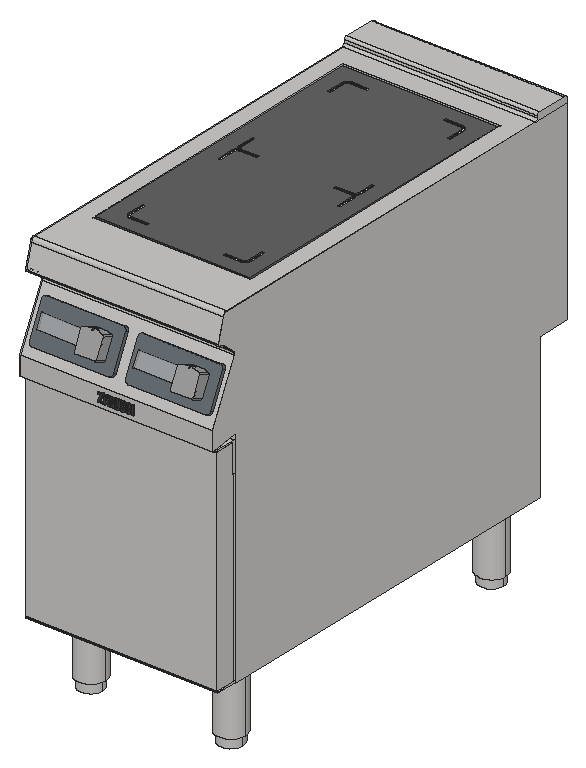
Revit family "QF_ZANUSSI_392666_Z9HHEDBAMCA", category Specialty Equipment, Revit 2023
Family settings
  Round Connector Dimension = Use Diameter
  Part Type = Normal
  Work Plane-Based = No
  Enable Cutting in Views = No
  Always vertical = Yes
  Cut with Voids When Loaded = No
  Maintain Annotation Orientation = No
  Shared = Yes
  Room Calculation Point = No
Parameters (values of type "Standard")
  Weight = 71.50 lbm
  Watts = 0 W
  Volts = 380 V
  URL Manufacturer = "http://www.zanussiprofessional.com"
  URL = "http://www.zanussiprofessional.com"
  Steam Supply Size = 0"
  Steam Supply Minimum Pressure = 0.00 psi
  Steam Supply Maximum Pressure = 0.00 psi
  Steam Consumption per Hour = 0
  Show Logo [instance] = yes
  Show Clearance [instance] = yes
  Refrigeration Suction Line Size = 0 mm
  Refrigeration Liquid Line Size = 0 mm
  Refrigerant Compressor Remote = yes
  Default Elevation = 0 mm
  Manufacturer = "Zanussi"
  Phase = 3
  Model = "Z9HHEDBAMCA"
  Length Actual = 400 mm
  Item Number = "392666"
  Hot Water Size = 0"
  Height Actual = 850 mm
  HP = "21.5 HP"
  Gas Size = 0"
  Gas KW = 0
  Gas Input Pressure = 0.0 Btu/h
  Direct Waste Size = 0"
  Description = "EVOPRO FREE-ZONE INDUCTION COOK TOP, 400 MM"
  Depth Actual = 900 mm
  Cycle = 50 Hz
  Condensate Return Size = 0"
  Compressed Air Volume = 0 GPM
  Compressed Air Size = 0"
  Compressed Air Pressure = 0.00 psi
  Cold Water Size = 0"
  Accessory = no
Reference planes
  plane 1: z = 0
  plane 2 "LEFT": x = 0
  plane 3 "RIGHT": x = 400
  plane 4 "FRONT": y = -921
  plane 5 "TOP": z = 850
  plane 6 "BASE": z = 150
  plane 7: y = -126
  plane 8: y = -774
  plane 9 "Center (Left/Right)": x = 200
  plane 10 "Center (Front/Back)": y = -450
  plane 11 "BASE_TOP": z = 600
  plane 12 "BACK": y = 0
  plane 13: y = -900
  plane 14: y = -1273
  plane 15: y = -855
  plane 16: z = 760.742
  plane 17: z = 645.808
  plane 18 "AxeZ_Buttons": z = 703.275
  plane 19 "PANEL": through (-6096, -914.266, 645.808) normal (0, 0.8988, -0.4384)
  plane 20 "BUTTON1": x = 145
  plane 21: x = 345
  plane 22: y = -720
  plane 23 "FeetBack": y = -126
  plane 24 "FeetFront": y = -800
  plane 25 "FeetX": x = 345
  plane 26 "WI2_x": x = 358
  plane 27: x = 287
  plane 28: y = -574
  plane 29: x = -150
  plane 30: x = 550
  plane 31: y = 150
Forms (mm)
  Extrusion 1, solid, material "QF_Finishes_Stainless Steel"
    sketch origin (0, 0, 0) x (0, 1, 0) y (0, 0, 1)
      loop
        line (0, 850) -> (-879.358, 850)
        arc (-879.358, 850) -> (-884.643, 847.811) -> (-886.833, 842.526) r 7.474
        line (-886.833, 842.526) -> (-899.884, 797.011)
        arc (-899.884, 797.011) -> (-899.396, 794.379) -> (-897, 793.184) r 3
        line (-897, 793.184) -> (-890.531, 793.184) -> (-859.859, 765.634)
        arc (-859.859, 765.634) -> (-858.292, 762.871) -> (-858.706, 759.723) r 5
        line (-858.706, 759.723) -> (-915, 644.303) -> (-915, 605.508) -> (-858.645, 613.428)
        arc (-858.645, 613.428) -> (-856.101, 612.674) -> (-855, 610.259) r 3.2
        line (-855, 610.259) -> (-855, 150) -> (-70, 150) -> (-70, 448) -> (0, 448) -> (0, 850)
    from 0 to 1
  Extrusion 2, solid, material "QF_Finishes_Stainless Steel"
    sketch origin (400, 0, 0) x (0, 1, 0) y (0, 0, 1)
      loop
        line (0, 850) -> (-879.358, 850)
        arc (-879.358, 850) -> (-884.643, 847.811) -> (-886.833, 842.526) r 7.474
        line (-886.833, 842.526) -> (-899.884, 797.011)
        arc (-899.884, 797.011) -> (-899.396, 794.379) -> (-897, 793.184) r 3
        line (-897, 793.184) -> (-890.531, 793.184) -> (-859.859, 765.634)
        arc (-859.859, 765.634) -> (-858.292, 762.871) -> (-858.706, 759.723) r 5
        line (-858.706, 759.723) -> (-915, 644.303) -> (-915, 605.508) -> (-858.645, 613.428)
        arc (-858.645, 613.428) -> (-856.101, 612.674) -> (-855, 610.259) r 3.2
        line (-855, 610.259) -> (-855, 150) -> (-70, 150) -> (-70, 448) -> (0, 448) -> (0, 850)
    from 0 to -1
  Extrusion 3, solid, material "QF_Finishes_Stainless Steel"
    sketch origin (200, 0, 0) x (0, 1, 0) y (0, 0, 1)
      loop
        line (0, 850) -> (-912.738, 850)
        arc (-912.738, 850) -> (-920.449, 844.13) -> (-918.364, 834.666) r 9
        line (-918.364, 834.666) -> (-859.167, 766.469)
        arc (-859.167, 766.469) -> (-857.771, 763.759) -> (-858.209, 760.742) r 5
        line (-858.209, 760.742) -> (-914.266, 645.808)
        arc (-914.266, 645.808) -> (-911.433, 639.23) -> (-905.772, 643.616) r 4.53
        line (-905.772, 643.616) -> (-905.772, 610.227)
        arc (-905.772, 610.227) -> (-904.15, 606.541) -> (-900.336, 605.246) r 5
        line (-900.336, 605.246) -> (-860.436, 609.524)
        arc (-860.436, 609.524) -> (-856.622, 608.23) -> (-855, 604.543) r 5
        line (-855, 604.543) -> (-855, 600) -> (0, 600) -> (0, 850)
    from -199 to 199
  Extrusion 4, void
    sketch origin (200, 0, 0) x (0, 1, 0) y (0, 0, 1)
      loop
        line (-855, 600) -> (-855, 152) -> (-72, 152) -> (-72, 600) -> (-855, 600)
    from -110 to 110
  Extrusion 5, solid, material "QF_Finishes_Stainless Steel"
    sketch origin (200, 0, 0) x (0, 1, 0) y (0, 0, 1)
      loop
        line (0, 850) -> (-879.358, 850)
        arc (-879.358, 850) -> (-884.643, 847.811) -> (-886.833, 842.526) r 7.474
        line (-886.833, 842.526) -> (-899.884, 797.011)
        arc (-899.884, 797.011) -> (-899.396, 794.379) -> (-897, 793.184) r 3
        line (-897, 793.184) -> (-890.531, 793.184) -> (-859.859, 765.634)
        arc (-859.859, 765.634) -> (-858.292, 762.871) -> (-858.706, 759.723) r 5
        line (-858.706, 759.723) -> (-915, 644.303) -> (-915, 605.508) -> (-858.645, 613.428)
        arc (-858.645, 613.428) -> (-856.101, 612.674) -> (-855, 610.259) r 3.2
        line (-855, 610.259) -> (-855, 150) -> (-70, 150) -> (-70, 448) -> (0, 448) -> (0, 850)
    from 199 to -199
  Extrusion 6, solid, material "QF_Finishes_Stainless Steel"
    sketch origin (0, 0, 150) x (0, 1, 0) y (-1, 0, 0)
      loop
        circle (-574, -287) r 10
    from 0 to -10
  Extrusion 7, solid, material "QF_Finishes_Clearance", visible <- "Show Clearance", detail levels coarse
    sketch origin (0, 0, 0) x (1, 0, 0) y (0, 1, 0)
      loop
        line (-150, -921) -> (0, -921) -> (0, 0) -> (400, 0) -> (400, -921) -> (550, -921) -> (550, 150) -> (-150, 150) -> (-150, -921)
    from 0 to 850
  Extrusion 8, solid, material "QF_Finishes_Stainless Steel"
    sketch origin (200, 0, 0) x (0, 1, 0) y (0, 0, 1)
      loop
        line (-80, 850) -> (0, 850) -> (0, 860)
        arc (0, 860) -> (-1.464, 863.536) -> (-5, 865) r 5
        line (-5, 865) -> (-70, 865)
        arc (-70, 865) -> (-73.536, 863.536) -> (-75, 860) r 5
        line (-75, 860) -> (-75, 855)
        arc (-75, 855) -> (-76.464, 851.464) -> (-80, 850) r 5
    from 200 to -200
  Extrusion 9, void
    sketch origin (0, 0, 850) x (-1, 0, 0) y (0, -1, 0)
      loop
        line (-36.5, 126) -> (-36.5, 773) -> (-363.5, 773) -> (-363.5, 126) -> (-36.5, 126)
    from 0 to -6
  Extrusion 10, solid, material "QF_Glass Ceramic"
    sketch origin (0, 0, 850) x (-1, 0, 0) y (0, -1, 0)
      loop
        line (-40, 769.5) -> (-360, 769.5) -> (-360, 129.5) -> (-40, 129.5) -> (-40, 769.5)
      loop
        line (-74, 209.5) -> (-78, 209.5) -> (-78, 174.5)
        arc (-78, 174.5) -> (-80.05, 169.55) -> (-85, 167.5) r 7
        line (-85, 167.5) -> (-120, 167.5) -> (-120, 163.5) -> (-85, 163.5)
        arc (-85, 163.5) -> (-77.222, 166.722) -> (-74, 174.5) r 11
        line (-74, 174.5) -> (-74, 209.5)
      loop
        line (-326, 209.5) -> (-326, 174.5)
        arc (-326, 174.5) -> (-322.778, 166.722) -> (-315, 163.5) r 11
        line (-315, 163.5) -> (-280, 163.5) -> (-280, 167.5) -> (-315, 167.5)
        arc (-315, 167.5) -> (-319.95, 169.55) -> (-322, 174.5) r 7
        line (-322, 174.5) -> (-322, 209.5) -> (-326, 209.5)
      loop
        line (-74, 406) -> (-74, 441)
        arc (-74, 441) -> (-75.239, 446.071) -> (-78.675, 450) r 11
        arc (-78.675, 450) -> (-75.239, 453.929) -> (-74, 459) r 11
        line (-74, 459) -> (-74, 494) -> (-78, 494) -> (-78, 459)
        arc (-78, 459) -> (-80.05, 454.05) -> (-85, 452) r 7
        line (-85, 452) -> (-120, 452) -> (-120, 448) -> (-85, 448)
        arc (-85, 448) -> (-80.05, 445.95) -> (-78, 441) r 7
        line (-78, 441) -> (-78, 406) -> (-74, 406)
      loop
        line (-326, 406) -> (-322, 406) -> (-322, 441)
        arc (-322, 441) -> (-319.95, 445.95) -> (-315, 448) r 7
        line (-315, 448) -> (-280, 448) -> (-280, 452) -> (-315, 452)
        arc (-315, 452) -> (-319.95, 454.05) -> (-322, 459) r 7
        line (-322, 459) -> (-322, 494) -> (-326, 494) -> (-326, 459)
        arc (-326, 459) -> (-324.761, 453.929) -> (-321.325, 450) r 11
        arc (-321.325, 450) -> (-324.761, 446.071) -> (-326, 441) r 11
        line (-326, 441) -> (-326, 406)
      loop
        line (-74, 690.5) -> (-74, 725.5)
        arc (-74, 725.5) -> (-77.222, 733.278) -> (-85, 736.5) r 11
        line (-85, 736.5) -> (-120, 736.5) -> (-120, 732.5) -> (-85, 732.5)
        arc (-85, 732.5) -> (-80.05, 730.45) -> (-78, 725.5) r 7
        line (-78, 725.5) -> (-78, 690.5) -> (-74, 690.5)
      loop
        line (-326, 690.5) -> (-322, 690.5) -> (-322, 725.5)
        arc (-322, 725.5) -> (-319.95, 730.45) -> (-315, 732.5) r 7
        line (-315, 732.5) -> (-280, 732.5) -> (-280, 736.5) -> (-315, 736.5)
        arc (-315, 736.5) -> (-322.778, 733.278) -> (-326, 725.5) r 11
        line (-326, 725.5) -> (-326, 690.5)
    from 0 to -6
  Extrusion 11, solid, material "QF_Finishes_White"
    sketch origin (0, 0, 850) x (-1, 0, 0) y (0, -1, 0)
      loop
        line (-74, 209.5) -> (-78, 209.5) -> (-78, 174.5)
        arc (-78, 174.5) -> (-80.05, 169.55) -> (-85, 167.5) r 7
        line (-85, 167.5) -> (-120, 167.5) -> (-120, 163.5) -> (-85, 163.5)
        arc (-85, 163.5) -> (-77.222, 166.722) -> (-74, 174.5) r 11
        line (-74, 174.5) -> (-74, 209.5)
      loop
        line (-74, 406) -> (-74, 441)
        arc (-74, 441) -> (-75.239, 446.071) -> (-78.675, 450) r 11
        arc (-78.675, 450) -> (-75.239, 453.929) -> (-74, 459) r 11
        line (-74, 459) -> (-74, 494) -> (-78, 494) -> (-78, 459)
        arc (-78, 459) -> (-80.05, 454.05) -> (-85, 452) r 7
        line (-85, 452) -> (-120, 452) -> (-120, 448) -> (-85, 448)
        arc (-85, 448) -> (-80.05, 445.95) -> (-78, 441) r 7
        line (-78, 441) -> (-78, 406) -> (-74, 406)
      loop
        line (-74, 690.5) -> (-74, 725.5)
        arc (-74, 725.5) -> (-77.222, 733.278) -> (-85, 736.5) r 11
        line (-85, 736.5) -> (-120, 736.5) -> (-120, 732.5) -> (-85, 732.5)
        arc (-85, 732.5) -> (-80.05, 730.45) -> (-78, 725.5) r 7
        line (-78, 725.5) -> (-78, 690.5) -> (-74, 690.5)
      loop
        line (-326, 209.5) -> (-326, 174.5)
        arc (-326, 174.5) -> (-322.778, 166.722) -> (-315, 163.5) r 11
        line (-315, 163.5) -> (-280, 163.5) -> (-280, 167.5) -> (-315, 167.5)
        arc (-315, 167.5) -> (-319.95, 169.55) -> (-322, 174.5) r 7
        line (-322, 174.5) -> (-322, 209.5) -> (-326, 209.5)
      loop
        line (-326, 406) -> (-322, 406) -> (-322, 441)
        arc (-322, 441) -> (-319.95, 445.95) -> (-315, 448) r 7
        line (-315, 448) -> (-280, 448) -> (-280, 452) -> (-315, 452)
        arc (-315, 452) -> (-319.95, 454.05) -> (-322, 459) r 7
        line (-322, 459) -> (-322, 494) -> (-326, 494) -> (-326, 459)
        arc (-326, 459) -> (-324.761, 453.929) -> (-321.325, 450) r 11
        arc (-321.325, 450) -> (-324.761, 446.071) -> (-326, 441) r 11
        line (-326, 441) -> (-326, 406)
      loop
        line (-326, 690.5) -> (-322, 690.5) -> (-322, 725.5)
        arc (-322, 725.5) -> (-319.95, 730.45) -> (-315, 732.5) r 7
        line (-315, 732.5) -> (-280, 732.5) -> (-280, 736.5) -> (-315, 736.5)
        arc (-315, 736.5) -> (-322.778, 733.278) -> (-326, 725.5) r 11
        line (-326, 725.5) -> (-326, 690.5)
    from 0 to -6
Cuts and joins
  Extrusion 9 cuts Extrusion 3
  Extrusion 4, Extrusion 9 cuts Extrusion 5
  joined: Extrusion 3, Extrusion 5
Lines and regions (mm)
  symbolic lines, style "QF_2DLine_204"
    curve 1: line (0, -75, 850) -> (400, -75, 850)
    curve 11: line (122, -921, 150) -> (122, -926.641, 150)
    curve 12: line (168, -921, 150) -> (168, -926.641, 150)
    curve 13: line (165.003, -927.955, 150) -> (124.997, -927.955, 150)
    curve 14: spline (122, -926.641, 150) -> (122.026, -926.812, 150) -> (122.102, -926.981, 150) -> (122.228, -927.144, 150) -> (122.402, -927.298, 150) -> (122.619, -927.441, 150) -> (122.878, -927.57, 150) -> (123.173, -927.683, 150) -> (123.499, -927.779, 150) -> (123.85, -927.855, 150) -> (124.222, -927.91, 150) -> (124.606, -927.944, 150) -> (124.997, -927.955, 150)
    curve 15: spline (165.003, -927.955, 150) -> (165.394, -927.944, 150) -> (165.778, -927.91, 150) -> (166.15, -927.855, 150) -> (166.501, -927.779, 150) -> (166.827, -927.683, 150) -> (167.122, -927.57, 150) -> (167.381, -927.441, 150) -> (167.598, -927.298, 150) -> (167.772, -927.144, 150) -> (167.898, -926.981, 150) -> (167.974, -926.812, 150) -> (168, -926.641, 150)
    curve 16: line (322, -921, 150) -> (322, -926.641, 150)
    curve 17: line (368, -921, 150) -> (368, -926.641, 150)
    curve 18: line (365.003, -927.955, 150) -> (324.997, -927.955, 150)
    curve 19: spline (322, -926.641, 150) -> (322.026, -926.812, 150) -> (322.102, -926.981, 150) -> (322.228, -927.144, 150) -> (322.402, -927.298, 150) -> (322.619, -927.441, 150) -> (322.878, -927.57, 150) -> (323.173, -927.683, 150) -> (323.499, -927.779, 150) -> (323.85, -927.855, 150) -> (324.222, -927.91, 150) -> (324.606, -927.944, 150) -> (324.997, -927.955, 150)
    curve 20: spline (365.003, -927.955, 150) -> (365.394, -927.944, 150) -> (365.778, -927.91, 150) -> (366.15, -927.855, 150) -> (366.501, -927.779, 150) -> (366.827, -927.683, 150) -> (367.122, -927.57, 150) -> (367.381, -927.441, 150) -> (367.598, -927.298, 150) -> (367.772, -927.144, 150) -> (367.898, -926.981, 150) -> (367.974, -926.812, 150) -> (368, -926.641, 150)
    curve 21: line (36.5, -126, 850) -> (363.5, -126, 850)
    curve 22: line (36.5, -773, 850) -> (36.5, -126, 850)
    curve 23: line (363.5, -773, 850) -> (36.5, -773, 850)
    curve 24: line (363.5, -126, 850) -> (363.5, -773, 850)
    curve 25: line (40, -129.5, 850) -> (360, -129.5, 850)
    curve 26: line (40, -769.5, 850) -> (40, -129.5, 850)
    curve 27: line (360, -769.5, 850) -> (40, -769.5, 850)
    curve 28: line (360, -129.5, 850) -> (360, -769.5, 850)
    curve 29: line (76, -209.5, 850) -> (76, -174.5, 850)
    curve 30: arc (76, -174.5, 850) -> (78.636, -168.136, 850) -> (85, -165.5, 850) r 9
    curve 31: line (85, -165.5, 850) -> (120, -165.5, 850)
    curve 32: line (76, -441, 850) -> (76, -406, 850)
    curve 33: arc (85, -450, 850) -> (78.636, -447.364, 850) -> (76, -441, 850) r 9
    curve 34: line (120, -450, 850) -> (85, -450, 850)
    curve 35: arc (76, -459, 850) -> (78.636, -452.636, 850) -> (85, -450, 850) r 9
    curve 36: line (76, -494, 850) -> (76, -459, 850)
    curve 37: line (324, -209.5, 850) -> (324, -174.5, 850)
    curve 38: arc (324, -174.5, 850) -> (321.364, -168.136, 850) -> (315, -165.5, 850) r 9
    curve 39: line (315, -165.5, 850) -> (280, -165.5, 850)
    curve 40: line (324, -441, 850) -> (324, -406, 850)
    curve 41: arc (315, -450, 850) -> (321.364, -447.364, 850) -> (324, -441, 850) r 9
    curve 42: line (280, -450, 850) -> (315, -450, 850)
    curve 43: arc (324, -459, 850) -> (321.364, -452.636, 850) -> (315, -450, 850) r 9
    curve 44: line (324, -494, 850) -> (324, -459, 850)
    curve 45: line (76, -690.5, 850) -> (76, -725.5, 850)
    curve 46: arc (76, -725.5, 850) -> (78.636, -731.864, 850) -> (85, -734.5, 850) r 9
    curve 47: line (85, -734.5, 850) -> (120, -734.5, 850)
    curve 48: line (324, -690.5, 850) -> (324, -725.5, 850)
    curve 49: arc (324, -725.5, 850) -> (321.364, -731.864, 850) -> (315, -734.5, 850) r 9
    curve 50: line (315, -734.5, 850) -> (280, -734.5, 850)
    curve 51: line (322, -921, 150) -> (322, -926.641, 150)
    curve 52: line (368, -921, 150) -> (368, -926.641, 150)
    curve 53: line (365.003, -927.955, 150) -> (324.997, -927.955, 150)
    curve 54: spline (322, -926.641, 150) -> (322.026, -926.812, 150) -> (322.102, -926.981, 150) -> (322.228, -927.144, 150) -> (322.402, -927.298, 150) -> (322.619, -927.441, 150) -> (322.878, -927.57, 150) -> (323.173, -927.683, 150) -> (323.499, -927.779, 150) -> (323.85, -927.855, 150) -> (324.222, -927.91, 150) -> (324.606, -927.944, 150) -> (324.997, -927.955, 150)
    curve 55: spline (365.003, -927.955, 150) -> (365.394, -927.944, 150) -> (365.778, -927.91, 150) -> (366.15, -927.855, 150) -> (366.501, -927.779, 150) -> (366.827, -927.683, 150) -> (367.122, -927.57, 150) -> (367.381, -927.441, 150) -> (367.598, -927.298, 150) -> (367.772, -927.144, 150) -> (367.898, -926.981, 150) -> (367.974, -926.812, 150) -> (368, -926.641, 150)
    curve 56: line (522, -921, 150) -> (522, -926.641, 150)
    curve 57: line (568, -921, 150) -> (568, -926.641, 150)
    curve 58: line (565.003, -927.955, 150) -> (524.997, -927.955, 150)
    curve 59: spline (522, -926.641, 150) -> (522.026, -926.812, 150) -> (522.102, -926.981, 150) -> (522.228, -927.144, 150) -> (522.402, -927.298, 150) -> (522.619, -927.441, 150) -> (522.878, -927.57, 150) -> (523.173, -927.683, 150) -> (523.499, -927.779, 150) -> (523.85, -927.855, 150) -> (524.222, -927.91, 150) -> (524.606, -927.944, 150) -> (524.997, -927.955, 150)
    curve 60: spline (565.003, -927.955, 150) -> (565.394, -927.944, 150) -> (565.778, -927.91, 150) -> (566.15, -927.855, 150) -> (566.501, -927.779, 150) -> (566.827, -927.683, 150) -> (567.122, -927.57, 150) -> (567.381, -927.441, 150) -> (567.598, -927.298, 150) -> (567.772, -927.144, 150) -> (567.898, -926.981, 150) -> (567.974, -926.812, 150) -> (568, -926.641, 150)
    curve 61: line (322, -921, 150) -> (322, -926.641, 150)
    curve 62: line (368, -921, 150) -> (368, -926.641, 150)
    curve 63: line (365.003, -927.955, 150) -> (324.997, -927.955, 150)
    curve 64: spline (322, -926.641, 150) -> (322.026, -926.812, 150) -> (322.102, -926.981, 150) -> (322.228, -927.144, 150) -> (322.402, -927.298, 150) -> (322.619, -927.441, 150) -> (322.878, -927.57, 150) -> (323.173, -927.683, 150) -> (323.499, -927.779, 150) -> (323.85, -927.855, 150) -> (324.222, -927.91, 150) -> (324.606, -927.944, 150) -> (324.997, -927.955, 150)
    curve 65: spline (365.003, -927.955, 150) -> (365.394, -927.944, 150) -> (365.778, -927.91, 150) -> (366.15, -927.855, 150) -> (366.501, -927.779, 150) -> (366.827, -927.683, 150) -> (367.122, -927.57, 150) -> (367.381, -927.441, 150) -> (367.598, -927.298, 150) -> (367.772, -927.144, 150) -> (367.898, -926.981, 150) -> (367.974, -926.812, 150) -> (368, -926.641, 150)
  symbolic lines, style "QF_2DLine_200"
    curve 2: line (0, 0, 850) -> (400, 0, 850)
    curve 3: line (400, 0, 850) -> (400, -921, 850)
    curve 4: line (400, -921, 850) -> (0, -921, 850)
    curve 5: line (0, -921, 850) -> (0, 0, 850)
  symbolic lines, style "QF-Clearances", detail levels coarse
    curve 6: line (-150, -921, 0) -> (-150, 150, 0)
    curve 7: line (550, -921, 0) -> (550, 150, 0)
  symbolic lines, style "QF_Clearances"
    curve 8: line (-150, 150, 150) -> (550, 150, 150)
    curve 9: line (-150, -921, 150) -> (0, -921, 150)
    curve 10: line (400, -921, 150) -> (550, -921, 150)
Dimensions and locks
  plane 5 "TOP" to level = 850 mm  (x2)
  plane 2 "LEFT" to plane 3 "RIGHT" = 400 mm
  equal spacing: plane 2 "LEFT", plane 9 "Center (Left/Right)", plane 3 "RIGHT"
  equal spacing: plane 7, plane 10 "Center (Front/Back)", plane 8
  level to plane 11 "BASE_TOP" = 600 mm
  plane 4 "FRONT" to plane 12 "BACK" = 921 mm
  plane 12 "BACK" to plane 7 = 126 mm
  plane 7 to plane 8 = 648 mm
  plane 8 to plane 13 = 126 mm
  plane 12 "BACK" to plane 13 = 900 mm
  plane 14 to plane 12 "BACK" = 1273 mm
  plane 6 "BASE" to level = 150 mm
  plane 11 "BASE_TOP" to plane 6 "BASE" = 450 mm
  plane 11 "BASE_TOP" to plane 5 "TOP" = 250 mm
  plane 10 "Center (Front/Back)" to plane 12 "BACK" = 450 mm
  plane 13 to plane 10 "Center (Front/Back)" = 450 mm
  plane 4 "FRONT" to plane 13 = 21 mm
  plane 13 to plane 15 = 45 mm
  plane 20 "BUTTON1" to plane 2 "LEFT" = 145 mm
  plane 21 to plane 20 "BUTTON1" = 200 mm
  plane 3 "RIGHT" to plane 2 "LEFT" = 400 mm
  plane 4 "FRONT" to plane 22 = 201 mm
  plane 23 "FeetBack" to plane 12 "BACK" = 126 mm
  locked: plane 25 "FeetX" to plane 3 "RIGHT" at 55
  plane 23 "FeetBack" to plane 24 "FeetFront" = 674 mm
  plane 13 to plane 24 "FeetFront" = 100 mm
  locked: plane 26 "WI2_x" to plane 3 "RIGHT" at 42
  locked: plane 27 to plane 3 "RIGHT" at 113
  plane 28 to plane 12 "BACK" = 574 mm
  locked: plane 29 to plane 2 "LEFT" at 150
  locked: plane 3 "RIGHT" to plane 30 at 150
  plane 12 "BACK" to plane 31 = 150 mm
  aligned and locked: level to plane 1
  aligned and locked: plane 6 "BASE" to nested 2
  aligned and locked: plane 20 "BUTTON1" to nested 3
  aligned and locked: plane 21 to nested 4
  aligned and locked: plane 2 "LEFT" to nested 2
  aligned and locked: plane 25 "FeetX" to nested 6
  aligned and locked: plane 25 "FeetX" to nested 5
Automatic sketch dimensions
  Extrusion 2 sketch curve to plane 6 "BASE" = 0 mm
  Extrusion 2 sketch curve to plane 12 "BACK" = 0 mm
  plane 7 to Extrusion 2 sketch curve = 56 mm
  plane 11 "BASE_TOP" to Extrusion 2 sketch curve = 152 mm
  Extrusion 3 sketch curve to plane 5 "TOP" = 0 mm
  Extrusion 3 sketch curve to plane 17 = 0 mm
  plane 19 "PANEL" to Extrusion 3 sketch curve = 0 mm  (x2)
  Extrusion 3 sketch curve to plane 16 = 0 mm
  plane 11 "BASE_TOP" to Extrusion 3 sketch curve = 0 mm
  Extrusion 3 sketch curve to plane 15 = 0 mm
  Extrusion 3 sketch curve to plane 12 "BACK" = 0 mm
  Extrusion 3 sketch curve to plane 11 "BASE_TOP" = 10.227 mm
  Extrusion 3 sketch curve to plane 4 "FRONT" = 15.228 mm
  Extrusion 3 sketch curve to plane 4 "FRONT" = 9 mm
  Extrusion 3 sketch curve to plane 4 "FRONT" = 8.262 mm
  Extrusion 3 sketch curve to plane 4 "FRONT" = 2.636 mm
  Extrusion 3 sketch curve to Extrusion 3 sketch curve = 5 mm
  Extrusion 3 sketch curve to plane 17 = 2.192 mm
  Extrusion 3 sketch curve to plane 11 "BASE_TOP" = 5.246 mm
  plane 16 to Extrusion 3 sketch curve = 2.192 mm
  Extrusion 3 sketch curve to Extrusion 3 sketch curve = 4.494 mm
  Extrusion 3 sketch curve to plane 15 = 5.436 mm
  Extrusion 3 sketch curve to plane 15 = 5 mm
  Extrusion 3 sketch curve to plane 15 = 4.167 mm
  Extrusion 3 sketch curve to plane 11 "BASE_TOP" = 4.543 mm
  Extrusion 3 sketch curve to plane 5 "TOP" = 15.334 mm
  plane 11 "BASE_TOP" to Extrusion 4 sketch curve = 0 mm
  Extrusion 4 sketch curve to plane 15 = 0 mm
  plane 6 "BASE" to Extrusion 4 sketch curve = 2 mm
  plane 7 to Extrusion 4 sketch curve = 54 mm
  curve 2 to plane 3 "RIGHT" = 0 mm
  curve 2 to plane 2 "LEFT" = 0 mm
  plane 12 "BACK" to curve 5 = 0 mm
  plane 4 "FRONT" to curve 5 = 0 mm
  Extrusion 6 sketch curve to plane 27 = 0 mm
  Extrusion 6 sketch curve to plane 28 = 0 mm
  Extrusion 1 sketch curve to plane 5 "TOP" = 0 mm
  plane 19 "PANEL" to Extrusion 1 sketch curve = 0 mm  (x2)
  Extrusion 1 sketch curve to plane 6 "BASE" = 0 mm
  Extrusion 1 sketch curve to plane 15 = 0 mm
  Extrusion 1 sketch curve to plane 12 "BACK" = 0 mm
  Extrusion 1 sketch curve to plane 13 = 0.116 mm
  Extrusion 1 sketch curve to plane 13 = 3 mm
  Extrusion 1 sketch curve to Extrusion 1 sketch curve = 6.469 mm
  Extrusion 1 sketch curve to plane 13 = 13.167 mm
  Extrusion 1 sketch curve to plane 5 "TOP" = 7.474 mm
  plane 16 to Extrusion 1 sketch curve = 1.172 mm
  Extrusion 1 sketch curve to plane 15 = 8.2 mm
  Extrusion 1 sketch curve to plane 15 = 4.859 mm
  Extrusion 1 sketch curve to plane 16 = 1.02 mm
  Extrusion 1 sketch curve to plane 15 = 3.645 mm
  plane 7 to Extrusion 1 sketch curve = 56 mm
  plane 11 "BASE_TOP" to Extrusion 1 sketch curve = 152 mm
  Extrusion 1 sketch curve to plane 11 "BASE_TOP" = 10.259 mm
  Extrusion 1 sketch curve to plane 11 "BASE_TOP" = 5.508 mm
  plane 16 to Extrusion 1 sketch curve = 32.442 mm
  Extrusion 1 sketch curve to Extrusion 1 sketch curve = 3 mm
  Extrusion 1 sketch curve to Extrusion 1 sketch curve = 3.2 mm
  Extrusion 1 sketch curve to plane 17 = 1.506 mm
  plane 19 "PANEL" to Extrusion 5 sketch curve = 0 mm  (x2)
  Extrusion 5 sketch curve to plane 5 "TOP" = 0 mm
  Extrusion 5 sketch curve to plane 15 = 0 mm
  Extrusion 5 sketch curve to plane 6 "BASE" = 0 mm
  Extrusion 5 sketch curve to plane 12 "BACK" = 0 mm
  Extrusion 5 sketch curve to Extrusion 5 sketch curve = 3.2 mm
  Extrusion 5 sketch curve to Extrusion 5 sketch curve = 0.445 mm
  Extrusion 5 sketch curve to plane 15 = 4.859 mm
  plane 16 to Extrusion 5 sketch curve = 1.172 mm
  Extrusion 5 sketch curve to Extrusion 5 sketch curve = 3.341 mm
  Extrusion 5 sketch curve to plane 5 "TOP" = 7.474 mm
  Extrusion 5 sketch curve to plane 13 = 20.642 mm
  Extrusion 5 sketch curve to plane 13 = 9.469 mm
  Extrusion 5 sketch curve to plane 13 = 3 mm
  Extrusion 5 sketch curve to plane 13 = 0.116 mm
  Extrusion 5 sketch curve to plane 4 "FRONT" = 6 mm
  plane 7 to Extrusion 5 sketch curve = 56 mm
  plane 11 "BASE_TOP" to Extrusion 5 sketch curve = 152 mm
  Extrusion 5 sketch curve to plane 11 "BASE_TOP" = 5.508 mm
  Extrusion 5 sketch curve to plane 11 "BASE_TOP" = 10.259 mm
  plane 16 to Extrusion 5 sketch curve = 32.442 mm
  Extrusion 5 sketch curve to Extrusion 5 sketch curve = 3 mm
  Extrusion 5 sketch curve to plane 16 = 1.02 mm
  Extrusion 5 sketch curve to Extrusion 5 sketch curve = 0 mm
  Extrusion 2 sketch curve to plane 5 "TOP" = 0 mm
  Extrusion 2 sketch curve to plane 11 "BASE_TOP" = 10.259 mm
  Extrusion 2 sketch curve to plane 15 = 0 mm
  Extrusion 2 sketch curve to plane 15 = 3.645 mm
  Extrusion 2 sketch curve to plane 15 = 3.2 mm
  Extrusion 2 sketch curve to plane 4 "FRONT" = 6 mm
  Extrusion 2 sketch curve to plane 11 "BASE_TOP" = 5.508 mm
  plane 19 "PANEL" to Extrusion 2 sketch curve = 0 mm  (x2)
  Extrusion 2 sketch curve to plane 16 = 1.02 mm
  plane 16 to Extrusion 2 sketch curve = 1.172 mm
  Extrusion 2 sketch curve to Extrusion 2 sketch curve = 4.494 mm
  Extrusion 2 sketch curve to plane 15 = 4.859 mm
  Extrusion 2 sketch curve to plane 13 = 9.469 mm
  plane 16 to Extrusion 2 sketch curve = 32.442 mm
  Extrusion 2 sketch curve to plane 5 "TOP" = 7.474 mm
  Extrusion 2 sketch curve to plane 13 = 20.642 mm
  Extrusion 2 sketch curve to plane 13 = 0.116 mm
  Extrusion 2 sketch curve to plane 13 = 3 mm
  Extrusion 2 sketch curve to Extrusion 2 sketch curve = 0.827 mm
  plane 4 "FRONT" to Extrusion 7 sketch curve = 0 mm  (x2)
  Extrusion 7 sketch curve to plane 29 = 0 mm
  Extrusion 7 sketch curve to plane 2 "LEFT" = 0 mm
  Extrusion 7 sketch curve to plane 3 "RIGHT" = 0 mm
  Extrusion 7 sketch curve to plane 30 = 0 mm
  plane 12 "BACK" to Extrusion 7 sketch curve = 0 mm
  Extrusion 7 sketch curve to plane 31 = 0 mm
  curve 6 to plane 29 = 0 mm
  curve 7 to plane 30 = 0 mm
  plane 4 "FRONT" to curve 7 = 0 mm
  plane 4 "FRONT" to curve 6 = 0 mm
  curve 7 to plane 31 = 0 mm
  curve 6 to plane 31 = 0 mm
  plane 7 to curve 1 = 51 mm
  Extrusion 9 sketch curve to plane 7 = 0 mm
  plane 25 "FeetX" to Extrusion 9 sketch curve = 18.5 mm
  plane 8 to Extrusion 9 sketch curve = 1 mm
  Extrusion 9 sketch curve to plane 20 "BUTTON1" = 108.5 mm
  curve 21 to plane 7 = 0 mm
  plane 10 "Center (Front/Back)" to curve 43 = 0 mm
  plane 10 "Center (Front/Back)" to curve 34 = 0 mm
  plane 27 to curve 38 = 28 mm
  plane 27 to curve 42 = 28 mm
  curve 49 to plane 22 = 5.5 mm
  plane 27 to curve 49 = 28 mm
  plane 27 to curve 44 = 37 mm
  plane 27 to curve 37 = 37 mm
  plane 27 to curve 40 = 37 mm
  plane 27 to curve 48 = 37 mm
  curve 28 to plane 7 = 3.5 mm
  plane 25 "FeetX" to curve 28 = 15 mm
  plane 8 to curve 24 = 1 mm
  curve 24 to curve 27 = 3.5 mm
  curve 30 to plane 20 "BUTTON1" = 60 mm
  curve 35 to plane 20 "BUTTON1" = 60 mm
  curve 46 to plane 22 = 5.5 mm
  curve 46 to plane 20 "BUTTON1" = 60 mm
  curve 46 to curve 45 = 9 mm
  curve 33 to curve 32 = 9 mm
  plane 10 "Center (Front/Back)" to curve 36 = 9 mm
  curve 30 to curve 29 = 9 mm
  curve 26 to plane 20 "BUTTON1" = 105 mm
  curve 25 to curve 22 = 3.5 mm
  curve 39 to plane 7 = 39.5 mm
  curve 31 to plane 7 = 39.5 mm
  plane 8 to curve 28 = 4.5 mm
  curve 49 to curve 50 = 35 mm
  curve 41 to curve 42 = 35 mm
  curve 38 to curve 39 = 35 mm
  curve 34 to plane 20 "BUTTON1" = 25 mm
  curve 47 to plane 20 "BUTTON1" = 25 mm
  curve 31 to plane 20 "BUTTON1" = 25 mm
  curve 29 to curve 29 = 35 mm
  curve 37 to curve 37 = 35 mm
  curve 40 to curve 40 = 35 mm
  curve 32 to curve 32 = 35 mm
  curve 43 to curve 44 = 35 mm
  curve 35 to curve 36 = 35 mm
  plane 22 to curve 48 = 29.5 mm
  plane 22 to curve 45 = 29.5 mm
  plane 4 "FRONT" to curve 57 = 0 mm
  plane 4 "FRONT" to curve 52 = 0 mm
  plane 4 "FRONT" to curve 51 = 0 mm
  plane 4 "FRONT" to curve 61 = 0 mm
  plane 4 "FRONT" to curve 17 = 0 mm
  plane 4 "FRONT" to curve 62 = 0 mm
  plane 4 "FRONT" to curve 16 = 0 mm
  plane 4 "FRONT" to curve 12 = 0 mm
  plane 4 "FRONT" to curve 11 = 0 mm
  plane 4 "FRONT" to curve 10 = 0 mm
  curve 9 to plane 2 "LEFT" = 0 mm
  plane 4 "FRONT" to curve 9 = 0 mm
  curve 8 to plane 29 = 0 mm
  curve 8 to plane 31 = 0 mm
  curve 8 to plane 30 = 0 mm
  curve 10 to plane 30 = 0 mm
  curve 10 to plane 3 "RIGHT" = 0 mm
  curve 9 to plane 29 = 0 mm
  curve 57 to curve 57 = 5.641 mm
  curve 56 to curve 56 = 5.641 mm
  curve 11 to curve 11 = 5.641 mm
  curve 12 to curve 12 = 5.641 mm
  curve 61 to curve 61 = 5.641 mm
  curve 62 to curve 62 = 5.641 mm
  curve 18 to curve 20 = 1.314 mm
  curve 58 to curve 60 = 1.314 mm
  plane 26 "WI2_x" to curve 62 = 10 mm
  curve 62 to curve 63 = 2.997 mm
  curve 63 to plane 25 "FeetX" = 20.003 mm
  curve 64 to curve 61 = 2.997 mm
  curve 57 to curve 58 = 2.997 mm
  curve 59 to curve 56 = 2.997 mm
  plane 20 "BUTTON1" to curve 12 = 23 mm
  curve 14 to curve 11 = 2.997 mm
  curve 12 to curve 13 = 2.997 mm
  curve 13 to plane 20 "BUTTON1" = 20.003 mm
  curve 13 to curve 15 = 1.314 mm
  Extrusion 8 sketch curve to plane 5 "TOP" = 0 mm
  Extrusion 8 sketch curve to plane 12 "BACK" = 0 mm
  Extrusion 8 sketch curve to Extrusion 8 sketch curve = 5 mm  (x3)
  plane 5 "TOP" to Extrusion 8 sketch curve = 15 mm
  plane 7 to Extrusion 8 sketch curve = 56 mm
  curve 58 to plane 30 = 15.003 mm
  plane 30 to curve 58 = 25.003 mm
  Extrusion 10 sketch curve to Extrusion 10 sketch curve = 0 mm  (x18)
  plane 10 "Center (Front/Back)" to Extrusion 10 sketch curve = 0 mm  (x2)
  plane 26 "WI2_x" to Extrusion 10 sketch curve = 2 mm
  plane 10 "Center (Front/Back)" to Extrusion 10 sketch curve = 9 mm  (x2)
  Extrusion 10 sketch curve to plane 21 = 19 mm  (x3)
  Extrusion 10 sketch curve to plane 10 "Center (Front/Back)" = 9 mm
  Extrusion 10 sketch curve to Extrusion 10 sketch curve = 4 mm  (x7)
  Extrusion 10 sketch curve to Extrusion 10 sketch curve = 7 mm  (x6)
  Extrusion 10 sketch curve to plane 27 = 7 mm  (x3)
  Extrusion 10 sketch curve to plane 20 "BUTTON1" = 25 mm  (x3)
  Extrusion 10 sketch curve to plane 10 "Center (Front/Back)" = 2 mm
  Extrusion 10 sketch curve to plane 22 = 16.5 mm
  Extrusion 10 sketch curve to plane 22 = 5.5 mm  (x2)
  Extrusion 10 sketch curve to Extrusion 10 sketch curve = 35 mm  (x9)
  Extrusion 10 sketch curve to plane 7 = 3.5 mm
  plane 2 "LEFT" to Extrusion 10 sketch curve = 40 mm
  Extrusion 10 sketch curve to plane 7 = 37.5 mm  (x2)
  plane 22 to Extrusion 10 sketch curve = 29.5 mm  (x2)
  plane 8 to Extrusion 10 sketch curve = 4.5 mm
  Extrusion 11 sketch curve to Extrusion 11 sketch curve = 0 mm  (x18)
  plane 10 "Center (Front/Back)" to Extrusion 11 sketch curve = 0 mm  (x2)
  Extrusion 11 sketch curve to plane 21 = 19 mm  (x4)
  Extrusion 11 sketch curve to Extrusion 11 sketch curve = 4 mm  (x7)
  Extrusion 11 sketch curve to Extrusion 11 sketch curve = 7 mm  (x5)
  plane 10 "Center (Front/Back)" to Extrusion 11 sketch curve = 2 mm  (x2)
  Extrusion 11 sketch curve to plane 27 = 7 mm  (x3)
  Extrusion 11 sketch curve to plane 22 = 12.5 mm
  Extrusion 11 sketch curve to plane 20 "BUTTON1" = 25 mm  (x3)
  plane 10 "Center (Front/Back)" to Extrusion 11 sketch curve = 9 mm
  Extrusion 11 sketch curve to Extrusion 11 sketch curve = 35 mm  (x9)
  Extrusion 11 sketch curve to plane 22 = 16.5 mm
  Extrusion 11 sketch curve to plane 22 = 5.5 mm  (x2)
  Extrusion 11 sketch curve to plane 7 = 83.5 mm  (x2)
  plane 22 to Extrusion 11 sketch curve = 29.5 mm  (x2)
  radius of Extrusion 6 sketch curve = 10 mm
Nested families
  nested 1: "ZANUSSI_Logo" at (204.389, -915, 673.905) x (1, 0, 0) z (0, -1, 0), visible <- "Show Logo", type "Zanussi_Logo"
    with Show Logo yes
  nested 2: "QF_ZAN_700XP_W400_PANEL" at (217.001, -855, 349.704) x (1, 0, 0) z (0, -1, 0), type "QF_ZAN_700XP_W400_PANEL"
    with Show Clearance yes
  nested 3: "CONTROLLER_XP_ZAN_PANEL" at (145, -886.8, 702.121) x (1, 0, 0) z (0, -0.8988, 0.4384), type "CONTROLLER_XP_ZAN_PANEL"
  nested 4: "CONTROLLER_XP_ZAN_PANEL" at (345, -886.8, 702.121) x (1, 0, 0) z (0, -0.8988, 0.4384), type "CONTROLLER_XP_ZAN_PANEL"
  nested 5: "FEET150_XP" at (345, -126, 0), type "FEET150_XP"
  nested 6: "FEET150_XP" at (345, -800, 0), type "FEET150_XP"
  nested 7: "FEET150_XP" at (55, -126, 0) x (-1, 0, 0) z (0, 0, 1), type "FEET150_XP"
  nested 8: "FEET150_XP" at (55, -800, 0) x (-1, 0, 0) z (0, 0, 1), type "FEET150_XP"
Connectors
  electrical at (287, -574, 140)
    settings: on Extrusion 6, index 5, voltage 0 V, apparent load 0 VA, apparent load phase1 0 VA, apparent load phase2 0 VA, apparent load phase3 0 VA, power factor 1, load classification "Altro", number of poles 1, system type 30, power factor state 1, is connector primary yes, connector utility no, sub classification motor no, connector description "Electrical Connection"
Definition of nested family "ZANUSSI_Logo"
  Parameters (values of type "ZANUSSI_Logo")
    Show Logo [instance] = yes
    Default Elevation = 1219.2 mm
  Reference planes
    plane 1 "Center (Front/Back)": y = -49
    plane 2: z = 0
    plane 3 "Center (Left/Right)": x = -9.92
  Forms (mm)
    Extrusion 1, solid
      sketch origin (0, 0, 0) x (1, 0, 0) y (0, 1, 0)
        loop
          line (-1219.2, 1219.2) -> (-1219.2, -1219.2) -> (1219.2, -1219.2) -> (1219.2, 1219.2) -> (-1219.2, 1219.2)
      from 0 to -304.8
    Extrusion 2, solid
      sketch origin (0, 0, 0) x (1, 0, 0) y (0, 1, 0)
        loop
          line (-31.066, -58.686) -> (-31.066, -54.721) -> (-37.012, -54.721) -> (-31.066, -42.599) -> (-31.066, -39.314) -> (-40.922, -39.314) -> (-40.922, -42.939) -> (-35.711, -42.826) -> (-41.375, -54.721) -> (-41.375, -58.686) -> (-31.066, -58.686)
        loop
          line (-25.376, -51.436) -> (-23.11, -51.436) -> (-24.243, -42.625) -> (-25.376, -51.436)
        loop
          line (-26.395, -58.686) -> (-25.829, -54.947) -> (-22.544, -54.947) -> (-21.977, -58.686) -> (-17.899, -58.686) -> (-21.524, -39.314) -> (-26.962, -39.314) -> (-30.474, -58.686) -> (-26.395, -58.686)
        loop
          line (-17.397, -39.314) -> (-17.397, -58.686) -> (-13.885, -58.686) -> (-13.885, -45.885) -> (-10.6, -58.686) -> (-6.295, -58.686) -> (-6.295, -39.314) -> (-9.92, -39.314) -> (-9.92, -51.662) -> (-13.205, -39.314) -> (-17.397, -39.314)
        loop
          arc (-5.389, -53.895) -> (-0.543, -58.717) -> (4.92, -54.608) r 5.22
          line (4.92, -54.608) -> (4.92, -39.314) -> (0.955, -39.314) -> (0.955, -53.701)
          arc (0.955, -53.701) -> (-0.087, -54.903) -> (-1.424, -54.041) r 1.214
          line (-1.424, -54.041) -> (-1.424, -39.314) -> (-5.389, -39.314) -> (-5.389, -53.895)
        loop
          line (12.283, -45.432) -> (16.022, -45.432) -> (16.083, -43.67)
          arc (16.083, -43.67) -> (15.823, -41.707) -> (14.592, -40.156) r 3.719
          arc (14.592, -40.156) -> (10.973, -38.976) -> (7.355, -40.156) r 6.139
          arc (7.355, -40.156) -> (5.879, -43.021) -> (6.062, -46.238) r 6.125
          arc (6.062, -46.238) -> (7.274, -48.016) -> (8.762, -49.572) r 13.068
          line (8.762, -49.572) -> (10.432, -51.052)
          arc (10.432, -51.052) -> (11.419, -51.89) -> (12.186, -52.933) r 5.571
          arc (12.186, -52.933) -> (11.996, -54.755) -> (10.209, -55.162) r 1.573
          arc (10.209, -55.162) -> (9.672, -54.618) -> (9.441, -53.888) r 1.631
          arc (9.441, -53.888) -> (9.424, -53.374) -> (9.441, -52.86) r 7.441
          arc (9.441, -52.86) -> (9.458, -52.374) -> (9.441, -51.889) r 7.03
          line (9.441, -51.889) -> (5.486, -51.889)
          arc (5.486, -51.889) -> (5.525, -54.662) -> (6.618, -57.21) r 7.131
          arc (6.618, -57.21) -> (11.782, -58.681) -> (16.132, -55.533) r 6.148
          arc (16.132, -55.533) -> (16.211, -52.281) -> (14.817, -49.343) r 7.021
          line (14.817, -49.343) -> (10.471, -45.432)
          arc (10.471, -45.432) -> (9.883, -44.693) -> (9.568, -43.803) r 2.858
          arc (9.568, -43.803) -> (10.687, -42.206) -> (12.283, -43.325) r 1.379
          line (12.283, -43.325) -> (12.283, -45.432)
        loop
          line (23.582, -45.432) -> (27.32, -45.432) -> (27.382, -43.67)
          arc (27.382, -43.67) -> (27.121, -41.707) -> (25.89, -40.156) r 3.719
          arc (25.89, -40.156) -> (22.271, -38.976) -> (18.653, -40.156) r 6.139
          arc (18.653, -40.156) -> (17.177, -43.021) -> (17.36, -46.238) r 6.125
          arc (17.36, -46.238) -> (18.572, -48.016) -> (20.06, -49.572) r 13.068
          line (20.06, -49.572) -> (21.73, -51.052)
          arc (21.73, -51.052) -> (22.717, -51.89) -> (23.484, -52.933) r 5.571
          arc (23.484, -52.933) -> (23.294, -54.755) -> (21.508, -55.162) r 1.573
          arc (21.508, -55.162) -> (20.97, -54.618) -> (20.74, -53.888) r 1.631
          arc (20.74, -53.888) -> (20.722, -53.374) -> (20.74, -52.86) r 7.441
          arc (20.74, -52.86) -> (20.756, -52.374) -> (20.74, -51.889) r 7.03
          line (20.74, -51.889) -> (16.785, -51.889)
          arc (16.785, -51.889) -> (16.823, -54.662) -> (17.916, -57.21) r 7.131
          arc (17.916, -57.21) -> (23.08, -58.681) -> (27.431, -55.533) r 6.148
          arc (27.431, -55.533) -> (27.51, -52.281) -> (26.115, -49.343) r 7.021
          line (26.115, -49.343) -> (21.769, -45.432)
          arc (21.769, -45.432) -> (21.181, -44.693) -> (20.866, -43.803) r 2.858
          arc (20.866, -43.803) -> (21.985, -42.206) -> (23.582, -43.325) r 1.379
          line (23.582, -43.325) -> (23.582, -45.432)
        loop
          line (28.143, -39.314) -> (28.143, -58.686) -> (32.108, -58.686) -> (32.108, -39.314) -> (28.143, -39.314)
      from 0 to 1.6
  Dimensions and locks
    aligned and locked: plane 2 to Extrusion 1
    aligned and locked: level to Extrusion 1
Definition of nested family "QF_ZAN_700XP_W400_PANEL"
  Parameters (values of type "QF_ZAN_700XP_W400_PANEL")
    Show Clearance [instance] = yes
    Default Elevation = 1219.2 mm
  Reference planes
    plane 1 "Centro (Fronte/Retro)": y = 25.296
    plane 2: z = 0
    plane 3 "Centro (Sinistra/Destra)": x = -19.001
    plane 4: x = -217.001
    plane 5: x = 178.999
    plane 6: z = 45
    plane 7 "Base": y = -199.704
    plane 8: z = 75
    plane 9 "2": y = 250.296
    plane 10: y = 246.296
    plane 11: y = -195.704
    plane 12: y = 235.296
    plane 13 "Left": x = -219.001
    plane 14 "Right": x = 180.999
  Forms (mm)
    Extrusion 1, solid
      sketch origin (0, 0, 0) x (1, 0, 0) y (0, 1, 0)
        loop
          line (-1219.2, 1219.2) -> (-1219.2, -1219.2) -> (1219.2, -1219.2) -> (1219.2, 1219.2) -> (-1219.2, 1219.2)
      from 0 to -304.8
    Extrusion 2, solid
      sketch origin (0, 1.6, 0) x (1, 0, 0) y (0, 1, 0)
        loop
          line (-217.001, -197.304) -> (178.999, -197.304) -> (178.999, 244.696) -> (-217.001, 244.696) -> (-217.001, -197.304)
      from 5 to 45
    Extrusion 3, solid
      sketch origin (-219.001, 0, 0) x (0, 1, 0) y (0, 0, 1)
        loop
          line (250.296, 44) -> (247.296, 44) -> (247.296, 3) -> (189.296, 3) -> (189.296, 0) -> (250.296, 0) -> (250.296, 44)
        loop
          line (-199.704, 44) -> (-199.704, 0) -> (-196.704, 0) -> (-196.704, 44) -> (-199.704, 44)
      from 2 to 398
  Dimensions and locks
    plane 6 to level = 45 mm  (x2)
    plane 4 to plane 5 = 396 mm
    plane 8 to plane 6 = 30 mm  (x2)
    locked: plane 9 "2" to plane 7 "Base" at 450
    equal spacing: plane 9 "2", plane 1 "Centro (Fronte/Retro)", plane 7 "Base"
    plane 9 "2" to plane 10 = 4 mm
    plane 11 to plane 7 "Base" = 4 mm
    plane 9 "2" to plane 12 = 15 mm
    equal spacing: plane 4, plane 3 "Centro (Sinistra/Destra)", plane 5
    plane 13 "Left" to plane 4 = 2 mm
    locked: plane 5 to plane 14 "Right" at 2
    plane 13 "Left" to plane 14 "Right" = 400 mm
    plane 10 to plane 11 = 442 mm
    aligned and locked: plane 2 to Extrusion 1
    aligned and locked: level to Extrusion 1
  Automatic sketch dimensions
    Extrusion 1 sketch curve to Extrusion 1 sketch curve = 2438.4 mm  (x2)
    Extrusion 2 sketch curve to plane 4 = 0 mm
    Extrusion 2 sketch curve to plane 5 = 0 mm
    Extrusion 2 sketch curve to plane 11 = 0 mm
    Extrusion 2 sketch curve to plane 10 = 0 mm
    Extrusion 3 sketch curve to plane 7 "Base" = 0 mm
    Extrusion 3 sketch curve to level = 0 mm  (x2)
    Extrusion 3 sketch curve to plane 9 "2" = 0 mm
    Extrusion 3 sketch curve to plane 11 = 1 mm
    level to Extrusion 3 sketch curve = 3 mm
    Extrusion 3 sketch curve to plane 12 = 46 mm
    plane 10 to Extrusion 3 sketch curve = 1 mm
    Extrusion 3 sketch curve to plane 6 = 1 mm  (x2)
Definition of nested family "CONTROLLER_XP_ZAN_PANEL"
  Parameters (values of type "CONTROLLER_XP_ZAN_PANEL")
    Default Elevation = 0 mm
  Reference planes
    plane 1 "Centro (Fronte/Retro)": y = 0
    plane 2: z = 0
    plane 3 "Centro (Sinistra/Destra)": x = 0
    plane 4: x = 43
    plane 5: x = -32
    plane 6: x = -132
    plane 7: x = -124
    plane 8: y = 43.5
    plane 9: y = -43.5
    plane 10: y = 15.5
    plane 11: y = -15.5
  Forms (mm)
    Extrusion 1, solid
      sketch origin (0, 0, 0) x (1, 0, 0) y (0, 1, 0)
        loop
          line (-1219.2, 1219.2) -> (-1219.2, -1219.2) -> (1219.2, -1219.2) -> (1219.2, 1219.2) -> (-1219.2, 1219.2)
      from 0 to -304.8
    Extrusion 2, solid
      sketch origin (0, 0, 0) x (1, 0, 0) y (0, 1, 0)
        loop
          arc (-131.4, -35.5) -> (-129.057, -41.157) -> (-123.4, -43.5) r 8
          line (-123.4, -43.5) -> (35.6, -43.5)
          arc (35.6, -43.5) -> (41.257, -41.157) -> (43.6, -35.5) r 8
          line (43.6, -35.5) -> (43.6, 35.5)
          arc (43.6, 35.5) -> (41.257, 41.157) -> (35.6, 43.5) r 8
          line (35.6, 43.5) -> (-123.4, 43.5)
          arc (-123.4, 43.5) -> (-129.057, 41.157) -> (-131.4, 35.5) r 8
          line (-131.4, 35.5) -> (-131.4, -35.5)
      from 0 to 5
    Extrusion 3, void
      sketch origin (0, 0, 0) x (1, 0, 0) y (0, 1, 0)
        loop
          line (-124, 15.5) -> (-124, -15.5) -> (-32, -15.5) -> (-32, 15.5) -> (-124, 15.5)
      from 5 to 2
    Extrusion 4, solid
      sketch origin (0, 0, 0) x (1, 0, 0) y (0, 1, 0)
        loop
          line (-124, 15.5) -> (-124, -15.5) -> (-32, -15.5) -> (-32, 15.5) -> (-124, 15.5)
      from 5 to 2
    Extrusion 5, solid
      sketch origin (-57.5, 0, 0) x (0, 1, 0) y (0, 0, -1)
        loop
          line (26.984, -34) -> (23.984, -34) -> (23.984, -35) -> (26.984, -35)
          arc (26.984, -35) -> (27.691, -34.707) -> (27.984, -34) r 1
          line (27.984, -34) -> (27.984, -19) -> (26.984, -19) -> (26.984, -34)
      from -58.5 to -56.5
    Extrusion 6, solid
      sketch origin (0, 0, 0) x (-1, 0, 0) y (0, -1, 0)
        loop
          line (17.5, -17.5) -> (17.5, 17.5) -> (-17.5, 17.5) -> (-17.5, -17.5) -> (17.5, -17.5)
      from 5 to 10
    Extrusion 7, solid
      sketch origin (0, 0, 0) x (-1, 0, 0) y (0, -1, 0)
        loop
          arc (-21.147, -22.789) -> (0, -26.984) -> (21.147, -22.789) r 55.4
          arc (21.147, -22.789) -> (22.494, -21.685) -> (23, -20.019) r 2.997
          line (23, -20.019) -> (23, 20.019)
          arc (23, 20.019) -> (22.122, 22.138) -> (20.003, 23.016) r 2.997
          line (20.003, 23.016) -> (-20.003, 23.016)
          arc (-20.003, 23.016) -> (-22.122, 22.138) -> (-23, 20.019) r 2.997
          line (-23, 20.019) -> (-23, -20.019)
          arc (-23, -20.019) -> (-22.494, -21.685) -> (-21.147, -22.789) r 2.997
      from 10 to 34
  Cuts and joins
    Extrusion 3 cuts Extrusion 2
  Dimensions and locks
    locked: plane 6 to plane 4 at 175
    locked: plane 9 to plane 8 at 87
    locked: plane 6 to plane 7 at 8
    locked: plane 7 to plane 5 at 92
    locked: plane 6 to plane 3 "Centro (Sinistra/Destra)" at 132
    plane 10 to plane 11 = 31 mm
    equal spacing: plane 10, plane 1 "Centro (Fronte/Retro)", plane 11
    aligned and locked: plane 2 to Extrusion 1
    aligned and locked: level to Extrusion 1
  Automatic sketch dimensions
    Extrusion 1 sketch curve to Extrusion 1 sketch curve = 2438.4 mm  (x2)
    plane 9 to Extrusion 2 sketch curve = 0 mm
    plane 8 to Extrusion 2 sketch curve = 0 mm
    plane 6 to Extrusion 2 sketch curve = 0.6 mm
    plane 7 to Extrusion 2 sketch curve = 0.6 mm  (x2)
    Extrusion 2 sketch curve to plane 4 = 7.4 mm  (x2)
    plane 4 to Extrusion 2 sketch curve = 0.6 mm
    Extrusion 3 sketch curve to plane 7 = 0 mm
    Extrusion 3 sketch curve to plane 5 = 0 mm
    Extrusion 3 sketch curve to plane 11 = 0 mm
    Extrusion 3 sketch curve to plane 10 = 0 mm
    Extrusion 4 sketch curve to plane 7 = 0 mm
    Extrusion 4 sketch curve to plane 5 = 0 mm
    Extrusion 4 sketch curve to plane 11 = 0 mm
    Extrusion 4 sketch curve to plane 10 = 0 mm
    plane 8 to Extrusion 5 sketch curve = 19.516 mm
    Extrusion 5 sketch curve to Extrusion 5 sketch curve = 3 mm
    Extrusion 5 sketch curve to Extrusion 5 sketch curve = 0 mm
    Extrusion 5 sketch curve to Extrusion 5 sketch curve = 1 mm  (x2)
    level to Extrusion 5 sketch curve = 35 mm
    Extrusion 5 sketch curve to Extrusion 5 sketch curve = 15 mm
    plane 8 to Extrusion 6 sketch curve = 26 mm
    Extrusion 6 sketch curve to plane 4 = 25.5 mm
    Extrusion 6 sketch curve to Extrusion 6 sketch curve = 35 mm
    plane 8 to Extrusion 6 sketch curve = 61 mm
    plane 8 to Extrusion 7 sketch curve = 23.481 mm
    Extrusion 7 sketch curve to plane 4 = 20 mm
    plane 8 to Extrusion 7 sketch curve = 66.516 mm
    Extrusion 7 sketch curve to Extrusion 7 sketch curve = 2.997 mm  (x2)
    plane 8 to Extrusion 7 sketch curve = 71.916 mm
    Extrusion 7 sketch curve to Extrusion 7 sketch curve = 20.003 mm  (x2)
    Extrusion 7 sketch curve to Extrusion 7 sketch curve = 40.005 mm
    plane 8 to Extrusion 7 sketch curve = 63.519 mm
    Extrusion 7 sketch curve to Extrusion 7 sketch curve = 0 mm  (x2)
Definition of nested family "FEET150_XP"
  Parameters (values of type "FEET150_XP")
    Default Elevation = 0 mm
    FEET = 150 mm
  Reference planes
    plane 1 "Center (Front/Back)": y = 0
    plane 2: z = 0
    plane 3 "Center (Left/Right)": x = 0
    plane 4: z = 150
  Forms (mm)
    Revolve 1, solid
      sketch origin (255.05, 0, 608.09) x (0, 0, 1) y (-1, 0, 0)
        loop
          line (-608.09, 255.05) -> (-608.09, 230.05) -> (-588.09, 230.05) -> (-588.09, 225.05) -> (-458.09, 225.05) -> (-458.09, 255.05) -> (-608.09, 255.05)
        axis (-608.09, 255.05) -> (-458.09, 255.05)
      angle from 0 to 360
  Dimensions and locks
    "FEET": plane 4 to plane 2
    aligned and locked: level to plane 2
  Automatic sketch dimensions
    Revolve 1 sketch curve to level = 0 mm
    Revolve 1 sketch curve to plane 3 "Center (Left/Right)" = 0 mm  (x2)
    Revolve 1 sketch curve to plane 4 = 0 mm  (x2)
    level to Revolve 1 sketch curve = 20 mm
    Revolve 1 sketch curve to Revolve 1 sketch curve = 30 mm
    Revolve 1 sketch curve to Revolve 1 sketch curve = 20 mm
    Revolve 1 sketch curve to Revolve 1 sketch curve = 5 mm
